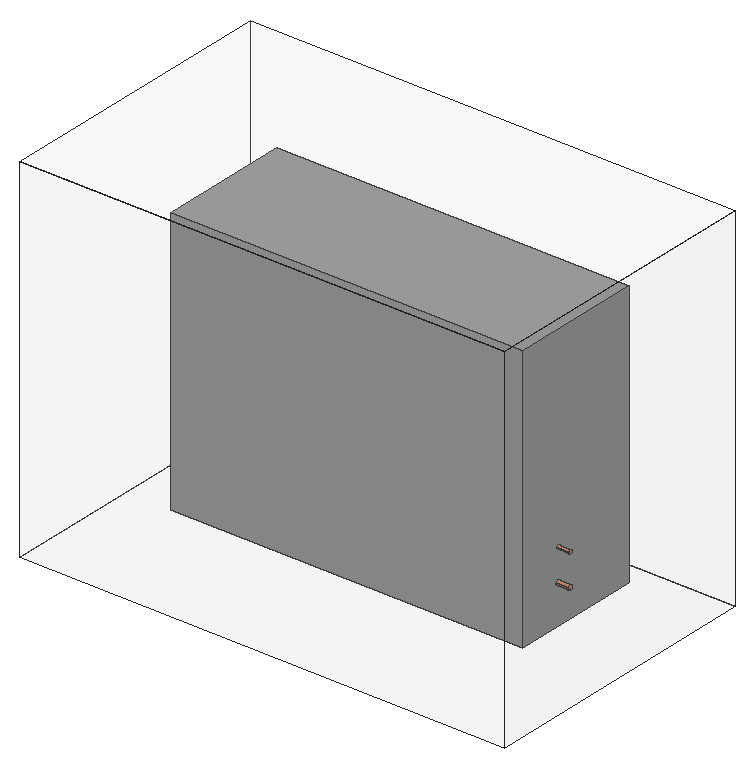
Revit family "Hitachi_RAC-S25_S35YHA_Outdoor_Unit_0718", category Mechanical Equipment, Revit 2015
Parameters (values of type "RAC-S35YHA")
  Weight (kg) = 37.5
  Unit Width = 792 mm  # constant formula
  Unit Height = 600 mm  # constant formula
  URL = "www.temperzone.biz"
  Top Clearance = 200 mm
  Sound Pressure Level (dbA) - Cool / Heat = "48 / 50"
  Right Clearance = 200 mm
  Refrigerant Type = "R32"  # constant formula
  Refrigerant Pipe Charge Length = "20m"
  Refrig Pipe Offset from Back = 202 mm
  Radius pipe Top LIQUID = 3.2 mm
  Radius Pipe Bottom GAS = 4.7 mm
  Power Suppy = "240 / 1"
  Pipe Length (min./max.) = "3m to 20m"
  Pipe Height (max.) = "10m"
  Pipe Connection Size - Liquid = "6.35 mm"
  Pipe Connection Size - Gas = "9.5 mm"
  Outdoor Operating Temp. (heating) C db = "21 to -20C"
  Outdoor Operating Temp. (cooling) C db = "46 to -10 C"
  Model - Indoor = "RAS-S35YHA"
  Model = "RAC-S35YHA"
  Recommended External Protection = 15 A
  Material = "Hitachi - Outdoor Unit"
  Manufacturer = "Temperzone / Hitachi"
  Left Clearance = 100 mm
  Interconnecting Wires = "3 + E, 1.5 mm"
  Height Refrig Pipe (Bottom - GAS) = 91 mm
  Height Refig Pipe (Top LIQUID) = 162.5 mm
  Heating Range = "0.9 - 4.8 kW"
  Heating Capacity = 3800 W
  Front Clearance = 300 mm
  Unit Depth = 299 mm  # constant formula
  EER Cooling = 4.12
  Description = "Hitachi Outdoor Unit RAC-S35YHA"
  Cooling Range = "0.9 - 4.0 kW"
  Cooling Capacity = 3500 W
  Clearance = Default
  COP Heating = 4.84
  Back Clearance = 50 mm
  Airflow - Hi = 217.0 L/s
Types (3, lengths in mm): name | Sound Pressure Level (dbA) - Cool / Heat | Outdoor Operating Temp. (heating) C db | Model - Indoor | Model | Heating Range | Heating Capacity | EER Cooling | Description | Cooling Range | Cooling Capacity | COP Heating | Airflow - Hi
  (no name) | "48 / 50" | "21 to -20C" | "RAS-S35YHA" | "RAC-S35YHA" | "0.9 - 4.8 kW" | 3800 W | 4.12 | "Hitachi Outdoor Unit RAC-S35YHA" | "0.9 - 4.0 kW" | 3500 W | 4.84 | 217.0 L/s
  RAC-S25YHA | "47 / 48" | "21 to -20 C" | "RAS-S25YHA" | "RAC-S25YHA" | "0.9 - 4.2 kW" | 3200 W | 5.1 | "Hitachi Outdoor Unit RAC-S25YHA" | "0.9 - 3.1 kW" | 2500 W | 5.2 | 158.0 L/s
  RAC-S35YHA | "48 / 50" | "21 to -20C" | "RAS-S35YHA" | "RAC-S35YHA" | "0.9 - 4.8 kW" | 3800 W | 4.12 | "Hitachi Outdoor Unit RAC-S35YHA" | "0.9 - 4.0 kW" | 3500 W | 4.84 | 217.0 L/s
Reference planes
  plane 1 "Center (Front/Back)": y = 0
  plane 2: z = 0
  plane 3 "Center (Left/Right)": x = 0
  plane 4 "Front": y = -299
  plane 5 "Back Clearance": y = 50
  plane 6 "Right": x = 396
  plane 7 "Left": x = -396
  plane 8 "Front Clearance": y = -599
  plane 9 "Right Clearance": x = 596
  plane 10 "left Clearance": x = -496
  plane 11 "Top": z = 600
  plane 12 "Top Clearance": z = 800
  plane 13 "Refrig Lines": y = -202
  plane 14: z = 162.5
  plane 15: z = 91
  plane 16 "Circle Centre horizontal": z = 300
  plane 17 "Circle centre vertical": x = -96
  plane 18: x = 204
  plane 19: x = 346
  plane 20: z = 549.5
  plane 21: z = 50.5
Forms (mm)
  Extrusion 1, solid, material "Steel, Paint Finish, Ivory, Matte"
    sketch origin (0, 0, 0) x (1, 0, 0) y (0, 1, 0)
      loop
        line (-396, 0) -> (-396, -299) -> (396, -299) -> (396, 0) -> (-396, 0)
    from 0 to 600
  Extrusion 2, solid, material "Clearance Zone"
    sketch origin (0, 0, 0) x (1, 0, 0) y (0, 1, 0)
      loop
        line (-496, 50) -> (-496, -599) -> (596, -599) -> (596, 50) -> (-496, 50)
    from 0 to 800
  Extrusion 3, solid, material "Copper"
    sketch origin (396, 0, 0) x (0, -1, 0) y (0, 0, -1)
      loop
        circle (202, -162.5) r 3.2
    from 0 to 30
  Extrusion 4, solid, material "Copper"
    sketch origin (396, 0, 0) x (0, -1, 0) y (0, 0, -1)
      loop
        circle (202, -91) r 4.7
    from 0 to 30
Lines and regions (mm)
  model lines
    curve 1: circle (-96, -299, 300) r 250 normal (0, 1, 0)
    curve 2: line (204, -299, 549.5) -> (346, -299, 549.5)
    curve 3: line (204, -299, 50.5) -> (204, -299, 549.5)
    curve 4: line (346, -299, 50.5) -> (204, -299, 50.5)
    curve 5: line (346, -299, 549.5) -> (346, -299, 50.5)
Dimensions and locks
  equal spacing: plane 7 "Left", plane 3 "Center (Left/Right)", plane 6 "Right"
  "Unit Width": plane 7 "Left" to plane 6 "Right"
  "Unit Depth": plane 4 "Front" to plane 1 "Center (Front/Back)"
  "Back Clearance": plane 1 "Center (Front/Back)" to plane 5 "Back Clearance"
  "Unit Height": plane 11 "Top" to plane 2
  "Top Clearance": plane 12 "Top Clearance" to plane 11 "Top"
  "Left Clearance": plane 10 "left Clearance" to plane 7 "Left"
  "Right Clearance": plane 6 "Right" to plane 9 "Right Clearance"
  "Front Clearance": plane 4 "Front" to plane 8 "Front Clearance"
  "Refrig Pipe Offset from Back": plane 13 "Refrig Lines" to plane 1 "Center (Front/Back)"
  "Height Refrig Pipe (Bottom - GAS)": plane 15 to level
  "Height Refig Pipe (Top LIQUID)": plane 14 to level
  locked: plane 7 "Left" to plane 17 "Circle centre vertical" at 300
  equal spacing: plane 11 "Top", plane 16 "Circle Centre horizontal", level
  locked: plane 18 to plane 17 "Circle centre vertical" at 300
  locked: plane 19 to plane 6 "Right" at 50
  equal spacing: plane 20, plane 16 "Circle Centre horizontal", plane 21
  locked: plane 20 to plane 21 at 499
  "Radius pipe Top LIQUID": radius of Extrusion 3 sketch curve
  "Radius Pipe Bottom GAS": radius of Extrusion 4 sketch curve
  aligned and locked: level to plane 2
  aligned and locked: plane 1 "Center (Front/Back)" to Extrusion 1 sketch curve
  aligned and locked: Extrusion 1 sketch curve to plane 7 "Left"
  aligned and locked: plane 4 "Front" to Extrusion 1 sketch curve
  aligned and locked: Extrusion 1 sketch curve to plane 6 "Right"
  aligned and locked: plane 11 "Top" to Extrusion 1
  aligned and locked: Extrusion 1 to plane 2
  aligned and locked: Extrusion 2 sketch curve to plane 5 "Back Clearance"
  aligned and locked: plane 10 "left Clearance" to Extrusion 2 sketch curve
  aligned and locked: plane 8 "Front Clearance" to Extrusion 2 sketch curve
  aligned and locked: Extrusion 2 sketch curve to plane 9 "Right Clearance"
  aligned and locked: plane 12 "Top Clearance" to Extrusion 2
  aligned and locked: Extrusion 2 to plane 2
  aligned and locked: plane 20 to curve 2
  aligned and locked: curve 3 to plane 18
  aligned and locked: curve 4 to plane 21
  aligned and locked: curve 5 to plane 19
Automatic sketch dimensions
  curve 1 to plane 16 "Circle Centre horizontal" = 0 mm
  curve 1 to plane 17 "Circle centre vertical" = 0 mm
  Extrusion 3 sketch curve to plane 13 "Refrig Lines" = 0 mm
  Extrusion 3 sketch curve to plane 14 = 0 mm
  Extrusion 4 sketch curve to plane 13 "Refrig Lines" = 0 mm
  Extrusion 4 sketch curve to plane 15 = 0 mm
  radius of curve 1 = 250 mm
Connectors
  piping at (426, -202, 162.5), diameter 6.4, driven by "Radius pipe Top LIQUID"
    settings: on Extrusion 3, index 1, connector inside diameter 6.4 mm, connector length 0 mm, flow factor 0, pipe flow 0.0 L/s, pressure drop 0.0 Pa, fitting loss kfactor 0, connector angle 0.00°, fixture units 0, engagement length 0 mm, angle of deflection 0.00°, flow configuration 2, flow direction 0, fitting loss method 0, system type 22, joint type 0, gender type 0, connector reference index -1, connector utility 0, adjustable connector no, is connector primary yes, connector description "Liquid Line (top)"
  piping at (426, -202, 91), diameter 9.4, driven by "Radius Pipe Bottom GAS"
    settings: on Extrusion 4, index 2, connector inside diameter 9.4 mm, connector length 0 mm, flow factor 0, pipe flow 0.0 L/s, pressure drop 0.0 Pa, fitting loss kfactor 0, connector angle 0.00°, fixture units 0, engagement length 0 mm, angle of deflection 0.00°, flow configuration 0, flow direction 0, fitting loss method 4, system type 22, joint type 0, gender type 0, connector reference index -1, connector utility 0, adjustable connector no, is connector primary no, connector description "Gas Line (Bottom)"
